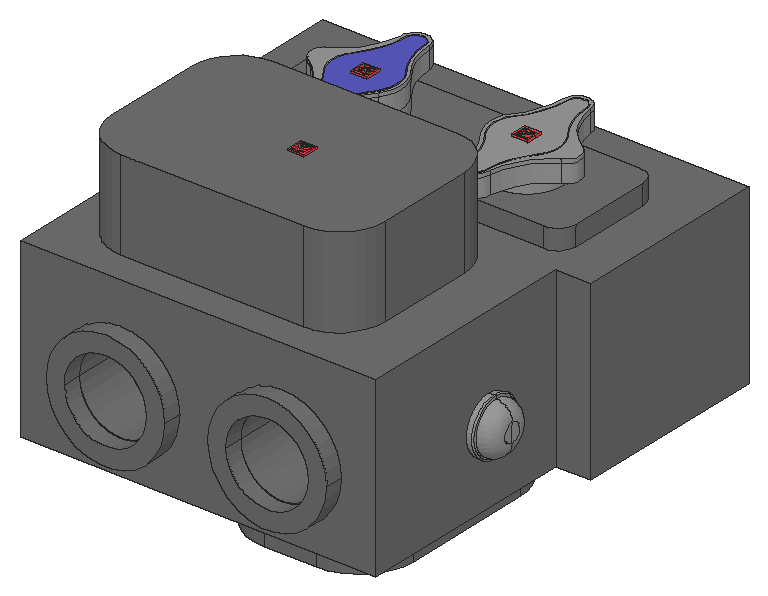
Revit family "HerzCon-Direktanschluss für FanCoils 90mm", category Rohrzubehör, Revit 2021
Family settings
  Bemaßung runder Anschluss = Durchmesser verwenden
  Teiletyp = Unterbricht
  OmniClass-Nummer = 23.65.55.14
  OmniClass-Titel = Valves for Liquid Services
  Arbeitsebenenbasiert = Nein
  Immer vertikal = Ja
  Beim Laden mit Abzugskörper schneiden = Nein
  Gemeinsam genutzt = Nein
Parameters (values of type "DN25")
  kvs-Wert (normale Funktion) = "2.75"  # constant formula
  kvs-Wert (Bypass Funktion) = "10.00"  # constant formula
  Vorgabe-Ansicht = 0.00 mm
  URL = "www.herz-armaturen.at"
  SCRNSEQ = "ARM;TYP_ARM=\"DURR\";02"
  SCRNCODE = "05;04;04"  # constant formula
  Nennweite SF [instance] = 32.00 mm  # constant formula
  Nennweite Kombi [instance] = 32.00 mm  # constant formula
  Nennweite KH [instance] = 25.00 mm  # constant formula
  Min. Betriebstemperatur = -20 °C  # constant formula
  Membrane und O-Ringe = "EPDM"  # constant formula
  Medium = "Heizungswasser gemäß ÖNORM H5195 oder VDI-Standard 2035.\r\nDie Verwendung von Ethylen- oder Propylenglykol-Gemischen in einem Verhältnis von 25-50 Vol.- % ist erlaubt."
  Max. Differenzdruck = 400000.0 Pa  # constant formula
  Max. Betriebstemperatur = 130 °C  # constant formula
  Max. Betriebsdruck = 2500000.0 Pa  # constant formula
  L11 = 14.00 mm  # constant formula
  L10 = 25.00 mm  # constant formula
  L09 = 16.00 mm  # constant formula
  L08 = 14.75 mm  # constant formula
  L07 = 12.50 mm  # constant formula
  L06 = 20.50 mm  # constant formula
  L04 = 45.00 mm  # constant formula
  L03 = 18.00 mm  # constant formula
  L02 = 4.80 mm  # constant formula
  L01 = 19.85 mm  # constant formula
  L00 [instance] = 189.70 mm  # constant formula
  L05 = 22.00 mm  # constant formula
  Isolierschalen = "EPP, wasserdampfdiffusionsdicht, schwarz"  # constant formula
  Hub = "4 mm"  # constant formula
  Hersteller = "HERZ Armaturen Ges.m.b.H."  # constant formula
  H02 = D02 + 1.00 mm  # 28.00 mm
  H01 = 39.50 mm  # constant formula
  Gehäuse = "entzinkungsbeständiges Messing"  # constant formula
  Dämmung [instance] = yes
  D11 = 20.00 mm  # constant formula
  D10 = 13.00 mm  # constant formula
  D09 = 18.90 mm  # constant formula
  D08 = 19.10 mm  # constant formula
  D07 = 14.85 mm  # constant formula
  D06 = 32.60 mm  # constant formula
  D05 = 33.80 mm  # constant formula
  D04 = 15.50 mm  # constant formula
  D03 = 21.25 mm  # constant formula
  D02 = 27.00 mm  # constant formula
  D01 = 15.00 mm  # constant formula
  Bestellnummer Isolierschale [instance] = 1470098  # constant formula
  Bestellnummer [instance] = 1460058  # constant formula
  Anwendungen = "Die HerzCON wurden entwickelt, um eine einfache Verbindung zu Gebläsekonvektoren oder anderen Anschlusseinheiten herzustellen.\r\nEin HerzCON ist eine Einheit, bestehend aus einem druckunabhängigen Kombiventil-Volumenstromregler (4006), Herz-Schmutzfänger, Herz-Entleerungshahn (2512) und zwei Herz-Multifunktionskugelhähnen.\r\nDas Ein-/ Aus Schalten sowie Modulieren ist über einen 0-10 V Stellantrieb möglich und kann bei Bedarf in eine GLT integriert werden.\r\nDie Einheit optimiert die Energieeffizienz des Systems, da es eine druckunabhängige Regelung ist, die den vollen Regelbereich unabhängig von Druckschwankungen gewährleistet, während gleichzeitig ein konstanter Durchfluss sichergestellt wird.\r\nMit der HerzCON können auch Spül- und Absperrvorgänge durchgeführt werden.\r\nEine Einheit kann für Heizen und Kühlen verwendet werden.\r\nEs gibt daher keinen Produktunterschied zwischen Heizen und Kühlen.\r\nDer am Sieb angebrachte Ablasshahn ermöglicht ein Spülen, ohne dass der Siebkorb entfernt werden muss.\r\nAußerdem kann der Siebkorb vor Ort gereinigt werden."
Reference planes
  plane 1 "Mitte (Vorne/hinten)": y = 0
  plane 2: z = 0
  plane 3 "Mitte (Links/rechts)": x = 0
Forms (mm)
  Revolve 1, solid, material "Messing, weicher Gelbton, geschweißt", detail levels fine
    sketch origin (-0.315, -1.436, 0) x (1, 0, 0) y (0, 1, 0)
      loop
        line (-94.535, 1.436) -> (95.165, 1.436) -> (95.165, 16.436) -> (75.315, 16.436) -> (75.315, 28.436) -> (23.115, 28.436) -> (23.115, 22.686) -> (18.315, 22.686) -> (18.315, 16.936) -> (-17.685, 16.936) -> (-17.685, 22.686) -> (-22.485, 22.686) -> (-22.485, 28.436) -> (-74.685, 28.436) -> (-74.685, 16.436) -> (-94.535, 16.436) -> (-94.535, 1.436)
      axis (95.165, 1.436) -> (-94.535, 1.436)
    angle from 0 to 360
  Revolve 2, solid, material "Messing, weicher Gelbton, geschweißt", detail levels fine
    sketch origin (0, 0, 0) x (1, 0, 0) y (0, 1, 0)
      loop
        line (-45, 28.35) -> (-57.5, 28.35) -> (-57.5, 47.45) -> (-65.5, 47.45) -> (-65.5, 32.6) -> (-67, 32.6) -> (-67, -33.8) -> (-59.75, -33.8) -> (-59.75, -45.7) -> (-70, -45.7) -> (-70, -65.7) -> (-61, -65.7) -> (-61, -52.7) -> (-45, -52.7) -> (-45, 28.35)
      axis (-45, 47.45) -> (-45, -65.7)
    angle from 0 to 360
  Revolve 3, solid, material "Messing, weicher Gelbton, geschweißt", detail levels fine
    sketch origin (0, 0, 0) x (-1, 0, 0) y (0, 1, 0)
      loop
        line (-45, 28.35) -> (-57.5, 28.35) -> (-57.5, 47.45) -> (-65.5, 47.45) -> (-65.5, 32.6) -> (-67, 32.6) -> (-67, -33.8) -> (-59.75, -33.8) -> (-59.75, -45.7) -> (-70, -45.7) -> (-70, -65.7) -> (-61, -65.7) -> (-61, -52.7) -> (-45, -52.7) -> (-45, 28.35)
      axis (-45, 47.45) -> (-45, -65.7)
    angle from 0 to 360
  Revolve 4, solid, material "Messing, weicher Gelbton, geschweißt", detail levels fine
    sketch origin (0, 0, 0) x (1, 0, 0) y (0, 0, 1)
      loop
        line (-45, 0) -> (-45, 39.5) -> (-59, 39.5) -> (-59, 0) -> (-45, 0)
      axis (-45, 0) -> (-45, 39.5)
    angle from 0 to 360
  Revolve 5, solid, material "Messing, weicher Gelbton, geschweißt", detail levels fine
    sketch origin (0, 0, 0) x (-1, 0, 0) y (0, 0, 1)
      loop
        line (-45, 0) -> (-45, 39.5) -> (-59, 39.5) -> (-59, 0) -> (-45, 0)
      axis (-45, 0) -> (-45, 39.5)
    angle from 0 to 360
  Revolve 6, solid, material "Messing, weicher Gelbton, geschweißt", detail levels fine
    sketch origin (0, 33.127, 0) x (1, 0, 0) y (0, 1, 0)
      loop
        line (45, -87.677) -> (29, -87.677) -> (29, -96.677) -> (30, -96.677) -> (30, -154.677) -> (29, -154.677) -> (29, -163.677) -> (45, -163.677) -> (45, -87.677)
      axis (45, -87.677) -> (45, -163.677)
    angle from 0 to 360
  Revolve 7, solid, material "Messing, weicher Gelbton, geschweißt", detail levels fine
    sketch origin (0, 0, 0) x (1, 0, 0) y (0, 1, 0)
      loop
        line (25, -92.55) -> (25, -107.55) -> (45, -107.55) -> (60, -111.55) -> (68, -111.55) -> (68, -107.55) -> (78, -107.55) -> (78, -105.55) -> (91, -105.55) -> (91, -106.55) -> (100, -106.55) -> (100, -92.55) -> (25, -92.55)
      axis (25, -92.55) -> (100, -92.55)
    angle from 0 to 360
  Revolve 8, solid, material "Messing, weicher Gelbton, geschweißt", detail levels fine
    sketch origin (0, 0, 0) x (1, 0, 0) y (0, 1, 0)
      loop
        line (25, -92.55) -> (11, -92.55) -> (11, -103.55) -> (15, -103.55) -> (15, -109.55) -> (25, -109.55) -> (25, -92.55)
      axis (11, -92.55) -> (25, -92.55)
    angle from 0 to 360
  Extrusion 9, solid, material "Messing, weicher Gelbton, geschweißt", detail levels fine
    sketch origin (0, 0, 0) x (0, 1, 0) y (0, 0, 1)
      loop
        line (-87.8, 46) -> (-97.3, 46) -> (-130.012, 27.114) -> (-134.762, 18.886) -> (-134.762, -18.886) -> (-130.012, -27.114) -> (-97.3, -46) -> (-87.8, -46) -> (-55.088, -27.114) -> (-50.338, -18.886) -> (-50.338, 18.886) -> (-55.088, 27.114) -> (-87.8, 46)
    from 11 to -10.6
  Revolve 10, solid, material "Messing, weicher Gelbton, geschweißt", detail levels fine
    sketch origin (0, 0, 0) x (1, 0, 0) y (0, 1, 0)
      loop
        line (-10.6, -92.55) -> (-10.6, -62.694) -> (-14.1, -75.05) -> (-14.1, -92.55) -> (-10.6, -92.55)
      axis (-14.1, -92.55) -> (-10.6, -92.55)
    angle from 0 to 360
  Extrusion 11, solid, material "Messing, weicher Gelbton, geschweißt", detail levels fine
    sketch origin (0, 0, 0) x (1, 0, 0) y (0, 0, 1)
      loop
        line (11, 8) -> (-6.1, 8)
        arc (-6.1, 8) -> (-14.1, 0) -> (-6.1, -8) r 8
        line (-6.1, -8) -> (11, -8) -> (11, 8)
    from 49.053 to 92.55
  Revolve 12, solid, material "Messing, weicher Gelbton, geschweißt", detail levels fine
    sketch origin (0, 0, 0) x (1, 0, 0) y (0, 1, 0)
      loop
        line (-13.1, -49.053) -> (-6.1, -49.053) -> (-6.1, -33.053) -> (-13.1, -33.053) -> (-13.1, -44.053) -> (-10.1, -44.053) -> (-10.1, -46.053) -> (-13.1, -46.053) -> (-13.1, -49.053)
      axis (-6.1, -33.053) -> (-6.1, -49.053)
    angle from 0 to 360
  Revolve 13, solid, material "Messing, weicher Gelbton, geschweißt", detail levels fine
    sketch origin (45, 0, 0) x (0, 1, 0) y (0, 0, 1)
      loop
        line (-107.55, 29) -> (-116.55, 29) -> (-116.55, 0) -> (-115.35, 0) -> (-115.35, -27) -> (-114.55, -27) -> (-114.55, -30) -> (-111.55, -30) -> (-111.55, -32) -> (-114.55, -32) -> (-114.55, -43) -> (-107.55, -43) -> (-107.55, 29)
      axis (-107.55, 29) -> (-107.55, -43)
    angle from 0 to 360
  Revolve 14, solid, material "Messing, weicher Gelbton, geschweißt", detail levels fine
    sketch origin (45, 0, 0) x (0, 1, 0) y (0, 0, 1)
      loop
        line (-68.55, 29) -> (-77.55, 29) -> (-77.55, 0) -> (-68.55, 0) -> (-68.55, 29)
      axis (-77.55, 29) -> (-77.55, 0)
    angle from 0 to 360
  Revolve 15, solid, material "Messing, weicher Gelbton, geschweißt", detail levels fine
    sketch origin (5.25, 97.957, 0) x (1, 0, 0) y (0, 1, 0)
      loop
        line (-50.25, -152.507) -> (-66.25, -152.507) -> (-66.25, -167.507) -> (-67.75, -167.507) -> (-67.75, -230.907) -> (-66.25, -230.907) -> (-66.25, -242.507) -> (-50.25, -242.507) -> (-50.25, -152.507)
      axis (-50.25, -152.507) -> (-50.25, -242.507)
    angle from 0 to 360
  Revolve 16, solid, material "Messing, weicher Gelbton, geschweißt", detail levels fine
    sketch origin (-45, -230.478, 0) x (0, 1, 0) y (0, 0, 1)
      loop
        arc (130.928, -23.913) -> (141.764, -20.377) -> (148.428, -11.13) r 18.37
        line (148.428, -11.13) -> (148.428, 3) -> (149.428, 4.812) -> (149.428, 32.5) -> (149.428, 34.5) -> (148.428, 34.5) -> (148.428, 36) -> (144.428, 36) -> (144.428, 49) -> (142.55, 50.084)
        arc (142.55, 50.084) -> (140.382, 52.622) -> (140.295, 55.959) r 5
        line (140.295, 55.959) -> (141.933, 61) -> (141.933, 76) -> (144.133, 76) -> (144.133, 77.5) -> (145.912, 77.5) -> (145.912, 84) -> (144.912, 86.5) -> (133.412, 86.5) -> (133.412, 89.5) -> (134.912, 89.5) -> (134.912, 91.5) -> (130.928, 91.5) -> (130.928, -23.913)
      axis (130.928, 91.5) -> (130.928, -23.913)
    angle from 0 to 360
  Extrusion 17, solid, material "Messing, weicher Gelbton, geschweißt", detail levels fine
    sketch origin (-1, -230.478, 0) x (0, 1, 0) y (0, 0, 1)
      loop
        circle (130.928, 65) r 5.5
    from -44 to -27
  Extrusion 18, solid, material "Kunststoff-Anthrazit/Schwarz", visible <- "Dämmung", detail levels fine
    sketch origin (-452.346, 0, 0) x (1, 0, 0) y (0, 1, 0)
      loop
        line (332.346, 64.5) -> (332.346, -45.5) -> (351.746, -45.5) -> (351.746, -170.5) -> (549.946, -170.5) -> (549.946, -45.5) -> (569.346, -45.5) -> (569.346, 64.5) -> (332.346, 64.5)
    from -42 to 56
  Extrusion 19, void
    sketch origin (0, 0, 0) x (0, 1, 0) y (0, 0, 1)
      loop
        circle (-92.55, 0) r 15
    from 117 to 32.451
  Extrusion 20, void
    sketch origin (0, 0, 0) x (1, 0, 0) y (0, 0, 1)
      loop
        circle (-45, 0) r 23
      loop
        circle (45, 0) r 23
    from 184.5 to -80
  Extrusion 21, solid, material "Kunststoff-Anthrazit/Schwarz", visible <- "Dämmung", detail levels fine
    sketch origin (0, 0, 0) x (1, 0, 0) y (0, 0, 1)
      loop
        circle (-45, 0) r 33
      loop
        circle (45, 0) r 33
    from 180.5 to 170.5
  Extrusion 22, solid, material "Kunststoff-Anthrazit/Schwarz", visible <- "Dämmung", detail levels fine
    sketch origin (0, 0, 0) x (1, 0, 0) y (0, 0, 1)
      loop
        circle (-45, 0) r 33
      loop
        circle (45, 0) r 33
    from -64.5 to -74.5
  Extrusion 23, solid, material "Kunststoff-Anthrazit/Schwarz", visible <- "Dämmung", detail levels fine
    sketch origin (0, 0, 0) x (1, 0, 0) y (0, 1, 0)
      loop
        line (43.2, -46.9) -> (-58.4, -46.9)
        arc (-58.4, -46.9) -> (-76.078, -54.222) -> (-83.4, -71.9) r 25
        line (-83.4, -71.9) -> (-83.4, -128)
        arc (-83.4, -128) -> (-76.078, -145.678) -> (-58.4, -153) r 25
        line (-58.4, -153) -> (43.2, -153)
        arc (43.2, -153) -> (60.878, -145.678) -> (68.2, -128) r 25
        line (68.2, -128) -> (68.2, -71.9)
        arc (68.2, -71.9) -> (60.878, -54.222) -> (43.2, -46.9) r 25
    from 56 to 106
  Extrusion 24, solid, material "Kunststoff-Anthrazit/Schwarz", visible <- "Dämmung", detail levels fine
    sketch origin (0, 0, 0) x (1, 0, 0) y (0, 1, 0)
      loop
        arc (81.5, -33.43) -> (88.571, -30.501) -> (91.5, -23.43) r 10
        line (91.5, -23.43) -> (91.5, 22.8)
        arc (91.5, 22.8) -> (88.571, 29.871) -> (81.5, 32.8) r 10
        line (81.5, 32.8) -> (-81.5, 32.8)
        arc (-81.5, 32.8) -> (-88.571, 29.871) -> (-91.5, 22.8) r 10
        line (-91.5, 22.8) -> (-91.5, -23.43)
        arc (-91.5, -23.43) -> (-88.571, -30.501) -> (-81.5, -33.43) r 10
        line (-81.5, -33.43) -> (81.5, -33.43)
    from 56 to 67
  Extrusion 25, solid, material "Kunststoff-Anthrazit/Schwarz", visible <- "Dämmung", detail levels fine
    sketch origin (0, 0, 0) x (1, 0, 0) y (0, 1, 0)
      loop
        arc (5.4, 1.85) -> (-15.813, -6.937) -> (-24.6, -28.15) r 30
        line (-24.6, -28.15) -> (-24.6, -102.9)
        arc (-24.6, -102.9) -> (-15.813, -124.113) -> (5.4, -132.9) r 30
        line (5.4, -132.9) -> (34.4, -132.9)
        arc (34.4, -132.9) -> (55.613, -124.113) -> (64.4, -102.9) r 30
        line (64.4, -102.9) -> (64.4, -28.15)
        arc (64.4, -28.15) -> (55.613, -6.937) -> (34.4, 1.85) r 30
        line (34.4, 1.85) -> (5.4, 1.85)
    from -42 to -76
Cuts and joins
  Extrusion 19, Extrusion 20 cuts Extrusion 18
  Extrusion 20 cuts Extrusion 21
  Extrusion 20 cuts Extrusion 22
Dimensions and locks
  "D04": Revolve 1 sketch curve to Revolve 1 sketch curve
  "D03": Revolve 1 sketch curve to Revolve 1 sketch curve  (x2)
  "D01": Revolve 1 sketch curve to Revolve 1 sketch curve  (x2)
  "D02": Revolve 1 sketch curve to Revolve 1 sketch curve  (x2)
  "L00": Revolve 1 sketch curve to Revolve 1 sketch curve
  "L01": Revolve 1 sketch curve to Revolve 1 sketch curve  (x2)
  "L02": Revolve 1 sketch curve to Revolve 1 sketch curve  (x2)
  equal spacing: Revolve 1 sketch curve, plane 3 "Mitte (Links/rechts)", Revolve 1 sketch curve
  "L03": Revolve 1 sketch curve to plane 3 "Mitte (Links/rechts)" to Revolve 1 sketch curve
  "L04": Revolve 2 sketch curve to plane 3 "Mitte (Links/rechts)"  (x2)
  "L05": Revolve 2 sketch curve to Revolve 2 sketch curve
  "D05": Revolve 2 sketch curve to plane 1 "Mitte (Vorne/hinten)"
  "D06": plane 1 "Mitte (Vorne/hinten)" to Revolve 2 sketch curve
  "L06": Revolve 2 sketch curve to Revolve 2 sketch curve
  "D07": Revolve 2 sketch curve to Revolve 2 sketch curve
  "D08": Revolve 2 sketch curve to Revolve 2 sketch curve
  "L07": Revolve 2 sketch curve to Revolve 2 sketch curve
  "L08": Revolve 2 sketch curve to Revolve 2 sketch curve
  "D09": Revolve 2 sketch curve to Revolve 2 sketch curve
  "D10": Revolve 2 sketch curve to Revolve 2 sketch curve
  "D11": Revolve 2 sketch curve to Revolve 2 sketch curve
  "L09": Revolve 2 sketch curve to Revolve 2 sketch curve
  "L10": Revolve 2 sketch curve to Revolve 2 sketch curve
  "L05": Revolve 3 sketch curve to Revolve 3 sketch curve
  "L06": Revolve 3 sketch curve to Revolve 3 sketch curve
  "D07": Revolve 3 sketch curve to Revolve 3 sketch curve
  "D08": Revolve 3 sketch curve to Revolve 3 sketch curve
  "L07": Revolve 3 sketch curve to Revolve 3 sketch curve
  "L08": Revolve 3 sketch curve to Revolve 3 sketch curve
  "D09": Revolve 3 sketch curve to Revolve 3 sketch curve
  "D10": Revolve 3 sketch curve to Revolve 3 sketch curve
  "D11": Revolve 3 sketch curve to Revolve 3 sketch curve
  "L09": Revolve 3 sketch curve to Revolve 3 sketch curve
  "L10": Revolve 3 sketch curve to Revolve 3 sketch curve
  "L04": plane 3 "Mitte (Links/rechts)" to Revolve 3 sketch curve  (x2)
  "D05": Revolve 3 sketch curve to plane 1 "Mitte (Vorne/hinten)"
  "D06": plane 1 "Mitte (Vorne/hinten)" to Revolve 3 sketch curve
  "H01": Revolve 4 sketch curve to plane 2
  "L04": plane 3 "Mitte (Links/rechts)" to Revolve 4 sketch curve  (x2)
  "L11": Revolve 4 sketch curve to Revolve 4 sketch curve
  "L11": Revolve 5 sketch curve to Revolve 5 sketch curve
  "L04": Revolve 5 sketch curve to plane 3 "Mitte (Links/rechts)"  (x2)
  "H01": Revolve 5 sketch curve to plane 2
  "L04": nested 3 to plane 3 "Mitte (Links/rechts)"
  "L04": plane 3 "Mitte (Links/rechts)" to nested 4
  "H02": nested 3 to plane 2
  "H02": nested 4 to plane 2
  "L04": plane 3 "Mitte (Links/rechts)" to Revolve 6 sketch curve  (x2)
  Revolve 6 sketch curve to Revolve 6 sketch curve = 16.00 mm  (x2)
  Revolve 6 sketch curve to Revolve 6 sketch curve = 15.00 mm
  Revolve 6 sketch curve to Revolve 6 sketch curve = 76.00 mm
  Revolve 6 sketch curve to Revolve 6 sketch curve = 9.00 mm  (x2)
  equal spacing: Revolve 6, Revolve 7 sketch curve, Revolve 6  (x2)
  Revolve 7 sketch curve to Revolve 7 sketch curve = 75.00 mm
  Revolve 7 sketch curve to Revolve 7 sketch curve = 9.00 mm
  Revolve 7 sketch curve to Revolve 7 sketch curve = 13.00 mm  (x2)
  Revolve 7 sketch curve to Revolve 7 sketch curve = 10.00 mm
  "L04": plane 3 "Mitte (Links/rechts)" to Revolve 7 sketch curve
  Revolve 7 sketch curve to Revolve 7 sketch curve = 14.00 mm
  Revolve 7 sketch curve to Revolve 7 sketch curve = 15.00 mm  (x2)
  Revolve 7 sketch curve to Revolve 7 sketch curve = 20.00 mm
  Revolve 7 sketch curve to Revolve 7 sketch curve = 35.00 mm
  Revolve 8 sketch curve to Revolve 7 = 20.00 mm
  equal spacing: Revolve 6, Revolve 8 sketch curve, Revolve 6  (x2)
  Revolve 8 sketch curve to Revolve 8 sketch curve = 17.00 mm
  Revolve 8 sketch curve to Revolve 8 sketch curve = 11.00 mm
  Revolve 8 sketch curve to Revolve 8 sketch curve = 14.00 mm
  Revolve 8 sketch curve to Revolve 8 sketch curve = 10.00 mm
  Revolve 6 to Extrusion 9 sketch curve = 4.212 mm
  Extrusion 9 sketch curve to Revolve 6 = 4.212 mm
  Extrusion 9 sketch curve to Extrusion 9 sketch curve = 84.424 mm
  equal spacing: Extrusion 9 sketch curve, level, Extrusion 9 sketch curve
  Extrusion 9 to Revolve 7 = 34.00 mm
  equal spacing: Revolve 6, Revolve 10 sketch curve, Revolve 6  (x2)
  Revolve 10 sketch curve to Revolve 10 sketch curve = 17.50 mm
  Revolve 10 sketch curve to Revolve 10 sketch curve = 29.856 mm
  Revolve 10 sketch curve to Extrusion 9 = 3.50 mm
  equal spacing: Revolve 6, nested 5, Revolve 6
  Revolve 7 to nested 5 = 46.00 mm
  Extrusion 9 to Revolve 10 = 25.10 mm
  Revolve 12 sketch curve to Revolve 12 sketch curve = 7.00 mm  (x2)
  Revolve 12 sketch curve to Revolve 12 sketch curve = 4.00 mm
  Revolve 12 sketch curve to Revolve 12 sketch curve = 3.00 mm
  Revolve 12 sketch curve to Revolve 12 sketch curve = 2.00 mm
  Revolve 12 sketch curve to Revolve 12 sketch curve = 11.00 mm
  Revolve 10 to Revolve 12 sketch curve = 1.00 mm
  Revolve 10 to Revolve 12 sketch curve = 8.00 mm
  Extrusion 11 to Revolve 12 sketch curve = 43.497 mm
  equal spacing: Revolve 6, Extrusion 11, Revolve 6
  Extrusion 11 to Extrusion 11 = 43.497 mm
  Revolve 3 to Revolve 6 = 178.00 mm
  Revolve 13 sketch curve to Revolve 13 sketch curve = 7.80 mm
  Revolve 13 sketch curve to Revolve 13 sketch curve = 9.00 mm
  Revolve 13 sketch curve to Revolve 13 sketch curve = 7.00 mm  (x2)
  Revolve 13 sketch curve to Revolve 13 sketch curve = 4.00 mm
  Revolve 13 sketch curve to Revolve 13 sketch curve = 3.00 mm
  Revolve 13 sketch curve to Revolve 13 sketch curve = 2.00 mm
  Revolve 13 sketch curve to Revolve 13 sketch curve = 11.00 mm
  "L04": plane 3 "Mitte (Links/rechts)" to Revolve 13
  Revolve 14 sketch curve to Revolve 14 sketch curve = 9.00 mm
  "L04": plane 3 "Mitte (Links/rechts)" to Revolve 14
  nested 7 to plane 2 = 29.00 mm
  nested 6 to plane 2 = 29.00 mm
  Revolve 15 sketch curve to Revolve 15 sketch curve = 11.60 mm
  Revolve 15 sketch curve to Revolve 15 sketch curve = 15.00 mm
  Revolve 15 sketch curve to Revolve 15 sketch curve = 90.00 mm
  Revolve 15 sketch curve to Revolve 15 sketch curve = 16.00 mm  (x2)
  Revolve 15 sketch curve to Revolve 15 sketch curve = 17.50 mm
  Revolve 15 to Revolve 16 sketch curve = 45.00 mm  (x2)
  Revolve 15 to Extrusion 17 sketch curve = 45.00 mm
  nested 8 to Revolve 15 = 45.00 mm
  plane 2 to Revolve 16 sketch curve = 23.913 mm
  Revolve 16 sketch curve to plane 2 = 34.50 mm
  Revolve 16 sketch curve to Revolve 16 sketch curve = 17.50 mm  (x2)
  Revolve 16 sketch curve to plane 2 = 4.812 mm
  Revolve 16 sketch curve to Revolve 16 sketch curve = 18.50 mm
  Revolve 16 sketch curve to Revolve 16 sketch curve = 1.50 mm
  Revolve 16 sketch curve to Revolve 16 sketch curve = 13.50 mm
  Revolve 16 sketch curve to Revolve 16 sketch curve = 13.00 mm
  "L04": Revolve 16 to plane 3 "Mitte (Links/rechts)"
  "L04": Revolve 15 sketch curve to plane 3 "Mitte (Links/rechts)"  (x2)
  Extrusion 17 to Extrusion 17 = 17.00 mm
  "L04": plane 3 "Mitte (Links/rechts)" to Extrusion 17
  Revolve 16 to Extrusion 17 sketch curve = 11.00 mm
  Extrusion 17 sketch curve to plane 2 = 65.00 mm
  Revolve 15 to Revolve 2 = 192.00 mm
  Extrusion 18 sketch curve to Extrusion 18 sketch curve = 237.00 mm
  Extrusion 18 sketch curve to Extrusion 18 sketch curve = 235.00 mm
  Extrusion 18 sketch curve to Extrusion 18 sketch curve = 19.40 mm  (x2)
  plane 1 "Mitte (Vorne/hinten)" to Extrusion 18 sketch curve = 64.50 mm
  Extrusion 18 sketch curve to Extrusion 18 sketch curve = 110.00 mm  (x2)
  cut or joined group of Extrusion 18, Extrusion 19, Extrusion 20 to Extrusion 19 sketch curve = 77.95 mm
  cut or joined group of Extrusion 18, Extrusion 19, Extrusion 20 to Extrusion 20 sketch curve = 52.00 mm
  cut or joined group of Extrusion 18, Extrusion 19, Extrusion 20 to Extrusion 20 sketch curve = 142.00 mm
  cut or joined group of Extrusion 18, Extrusion 19, Extrusion 20 to Extrusion 21 sketch curve = 42.00 mm
  cut or joined group of Extrusion 18, Extrusion 19, Extrusion 20 to Extrusion 21 sketch curve = 132.00 mm
  cut or joined group of Extrusion 18, Extrusion 19, Extrusion 20 to Extrusion 22 sketch curve = 42.00 mm
  cut or joined group of Extrusion 18, Extrusion 19, Extrusion 20 to Extrusion 22 sketch curve = 132.00 mm
  cut or joined group of Extrusion 18, Extrusion 19, Extrusion 20 to Extrusion 23 sketch curve = 17.50 mm
  cut or joined group of Extrusion 18, Extrusion 19, Extrusion 20 to Extrusion 23 sketch curve = 17.20 mm
  Extrusion 23 sketch curve to Extrusion 23 sketch curve = 151.60 mm
  Extrusion 23 sketch curve to Extrusion 23 sketch curve = 106.10 mm
  Extrusion 24 sketch curve to Extrusion 24 sketch curve = 66.23 mm
  Extrusion 24 sketch curve to Extrusion 24 sketch curve = 183.00 mm
  cut or joined group of Extrusion 18, Extrusion 19, Extrusion 20 to Extrusion 24 sketch curve = 28.50 mm
  Extrusion 24 sketch curve to cut or joined group of Extrusion 18, Extrusion 19, Extrusion 20 = 25.50 mm
  cut or joined group of Extrusion 18, Extrusion 19, Extrusion 20 to Extrusion 24 sketch curve = 31.70 mm
  cut or joined group of Extrusion 18, Extrusion 19, Extrusion 20 to Extrusion 25 sketch curve = 62.65 mm
  Extrusion 25 sketch curve to Extrusion 25 sketch curve = 134.75 mm
  Extrusion 25 sketch curve to cut or joined group of Extrusion 18, Extrusion 19, Extrusion 20 = 52.60 mm
  Extrusion 25 sketch curve to Extrusion 25 sketch curve = 89.00 mm
  equal spacing: Extrusion 23, nested 9, Extrusion 23
  nested 9 to plane 2 = 105.20 mm
  radius of Revolve 16 sketch curve = 18.37 mm
  radius of Extrusion 17 sketch curve = 5.50 mm
  diameter of Extrusion 19 sketch curve = 30.00 mm
  diameter of Extrusion 20 sketch curve = 46.00 mm  (x2)
  diameter of Extrusion 21 sketch curve = 66.00 mm  (x2)
  diameter of Extrusion 22 sketch curve = 66.00 mm  (x2)
  aligned and locked: level to plane 2
Automatic sketch dimensions
  Extrusion 11 sketch curve to level = 0.00 mm
  Extrusion 11 sketch curve to plane 3 "Mitte (Links/rechts)" = 6.10 mm
  plane 3 "Mitte (Links/rechts)" to Extrusion 11 sketch curve = 11.00 mm
  Extrusion 11 sketch curve to level = 8.00 mm
  Revolve 8 sketch curve to Revolve 8 sketch curve = 2.197 mm
  Revolve 8 sketch curve to Revolve 8 sketch curve = 3.212 mm
  level to Extrusion 9 sketch curve = 27.114 mm  (x2)
  Extrusion 9 sketch curve to Extrusion 9 sketch curve = 4.75 mm  (x4)
  Extrusion 9 sketch curve to level = 27.114 mm  (x2)
  Extrusion 9 sketch curve to Extrusion 9 sketch curve = 32.712 mm  (x2)
  Extrusion 9 sketch curve to Extrusion 9 sketch curve = 9.50 mm  (x2)
  Extrusion 9 sketch curve to Extrusion 9 sketch curve = 18.886 mm
  Extrusion 9 sketch curve to Extrusion 9 sketch curve = 8.227 mm  (x4)
  Revolve 10 sketch curve to plane 3 "Mitte (Links/rechts)" = 10.60 mm
  Revolve 10 sketch curve to Revolve 10 sketch curve = 0.00 mm  (x2)
  Revolve 12 sketch curve to Revolve 12 sketch curve = 1.775 mm
  Revolve 12 sketch curve to Revolve 12 sketch curve = 4.225 mm
  Revolve 13 sketch curve to level = 0.00 mm
  level to Revolve 13 sketch curve = 29.00 mm
  plane 1 "Mitte (Vorne/hinten)" to Revolve 13 sketch curve = 116.55 mm
  Revolve 13 sketch curve to level = 27.00 mm
  Revolve 13 sketch curve to Revolve 13 sketch curve = 7.00 mm
  Revolve 13 sketch curve to Revolve 13 sketch curve = 7.744 mm
  Revolve 13 sketch curve to Revolve 13 sketch curve = 8.256 mm
  Revolve 14 sketch curve to level = 0.00 mm
  level to Revolve 14 sketch curve = 29.00 mm
  plane 1 "Mitte (Vorne/hinten)" to Revolve 14 sketch curve = 77.55 mm
  Revolve 14 sketch curve to Revolve 14 sketch curve = 0.00 mm
  level to Revolve 14 sketch curve = 14.00 mm
  Revolve 14 sketch curve to Revolve 14 sketch curve = 5.00 mm
  Revolve 16 sketch curve to Revolve 16 sketch curve = 2.485 mm
  Revolve 16 sketch curve to Revolve 16 sketch curve = 1.50 mm  (x2)
  level to Revolve 16 sketch curve = 55.959 mm
  Revolve 16 sketch curve to Revolve 16 sketch curve = 4.133 mm
  level to Revolve 16 sketch curve = 61.00 mm
  Revolve 16 sketch curve to Revolve 16 sketch curve = 1.638 mm
  level to Revolve 16 sketch curve = 50.084 mm
  Revolve 16 sketch curve to Revolve 16 sketch curve = 1.878 mm
  Revolve 16 sketch curve to Revolve 16 sketch curve = 10.00 mm
  Revolve 16 sketch curve to Revolve 16 sketch curve = 2.50 mm  (x2)
  Revolve 16 sketch curve to Revolve 16 sketch curve = 1.00 mm
  Revolve 16 sketch curve to Revolve 16 sketch curve = 1.812 mm
  Revolve 16 sketch curve to Revolve 16 sketch curve = 2.00 mm  (x2)
  Revolve 16 sketch curve to Revolve 16 sketch curve = 15.00 mm
  Revolve 16 sketch curve to Revolve 16 sketch curve = 6.50 mm
  Revolve 16 sketch curve to Revolve 16 sketch curve = 3.00 mm
  Revolve 16 sketch curve to Revolve 16 sketch curve = 2.20 mm
  Revolve 16 sketch curve to Revolve 16 sketch curve = 1.316 mm
  Revolve 16 sketch curve to Revolve 16 sketch curve = 0.227 mm
  Extrusion 18 sketch curve to plane 3 "Mitte (Links/rechts)" = 120.00 mm
  Extrusion 19 sketch curve to level = 0.00 mm
  Extrusion 20 sketch curve to level = 0.00 mm  (x2)
  Extrusion 21 sketch curve to level = 0.00 mm  (x2)
  Extrusion 22 sketch curve to level = 0.00 mm  (x2)
  Extrusion 23 sketch curve to Extrusion 23 sketch curve = 25.00 mm  (x4)
  Extrusion 24 sketch curve to Extrusion 24 sketch curve = 10.00 mm  (x4)
  Extrusion 25 sketch curve to Extrusion 25 sketch curve = 30.00 mm
  plane 1 "Mitte (Vorne/hinten)" to Extrusion 25 sketch curve = 28.15 mm
  Extrusion 25 sketch curve to Extrusion 25 sketch curve = 29.00 mm  (x2)
  Revolve 1 sketch curve to plane 1 "Mitte (Vorne/hinten)" = 0.00 mm
  plane 1 "Mitte (Vorne/hinten)" to Revolve 1 sketch curve = 0.00 mm
  Revolve 1 sketch curve to Revolve 1 sketch curve = 1933.131 mm
  Revolve 1 sketch curve to Revolve 1 sketch curve = 1932.50 mm
  plane 1 "Mitte (Vorne/hinten)" to Revolve 2 sketch curve = 18.80 mm
  Revolve 2 sketch curve to Revolve 2 sketch curve = 12.268 mm
  Revolve 3 sketch curve to plane 1 "Mitte (Vorne/hinten)" = 18.80 mm
  Revolve 3 sketch curve to Revolve 3 sketch curve = 12.268 mm
  Revolve 4 sketch curve to level = 0.00 mm  (x2)
  Revolve 4 sketch curve to Revolve 4 sketch curve = 9.50 mm
  Revolve 5 sketch curve to level = 0.00 mm  (x2)
  Revolve 5 sketch curve to Revolve 5 sketch curve = 9.50 mm
  plane 1 "Mitte (Vorne/hinten)" to Revolve 6 sketch curve = 130.55 mm
  Revolve 6 sketch curve to Revolve 6 sketch curve = 6.00 mm
  Revolve 6 sketch curve to Revolve 6 sketch curve = 5.00 mm
  Revolve 7 sketch curve to Revolve 7 sketch curve = 4.00 mm
  Revolve 7 sketch curve to Revolve 7 sketch curve = 15.00 mm
  Revolve 7 sketch curve to Revolve 7 sketch curve = 11.575 mm
  plane 1 "Mitte (Vorne/hinten)" to Revolve 15 sketch curve = 144.55 mm
  Revolve 15 sketch curve to Revolve 15 sketch curve = 6.926 mm
  Revolve 15 sketch curve to Revolve 15 sketch curve = 10.00 mm
Nested families
  nested 1: "Herz-Logo-vorne" at (-0.315, -15.5, 0) x (0, 1, 0) z (0, 0, 1), type "Herz-Logo-vorne", detail levels fine
  nested 2: "Herz-Logo-vorne" at (-0.315, 15.5, 0) x (0, 1, 0) z (0, 0, 1), type "Herz-Logo-vorne", detail levels fine
  nested 3: "Handrad (blau) für HerzCon DN25-DN32" at (-45, 0, 28) x (0, -1, 0) z (0, 0, 1), type "Handrad (blau) für HerzCon DN25-DN32", detail levels fine
  nested 4: "Handrad (rot) für HerzCon DN25-DN32" at (45, 0, 28) x (0, 1, 0) z (0, 0, 1), type "Handrad (rot) für HerzCon DN25-DN32", detail levels fine
  nested 5: "Bauschutzkappe für HerCon" at (91, -92.55, 0), type "Bauschutzkappe für HerCon"
  nested 6: "Messstutzen_Band_Austritt_senkrecht_(oben)" at (45, -77.55, 11.5), type "Messstutzen_Band_Austritt_senkrecht_(oben)"
    with Schutzkappe yes, Nennweite 0.00 mm, Gewicht 0.00 kg, Bestellnummer 0
  nested 7: "Messstutzen_Band_Eintritt_senkrecht_(oben)" at (45, -107.55, 11.5), type "Messstutzen_Band_Eintritt_senkrecht_(oben)"
    with Schutzkappe yes, Nennweite 0.00 mm, Gewicht 0.00 kg, Bestellnummer 0
  nested 8: "Flügelgriff rot (seite)" at (-32.6, -99.55, 65), type "Flügelgriff rot (seite)"
  nested 9: "Herz-Logo" at (0, -99.95, 105.2), visible <- "Dämmung", type "Herz-Logo", detail levels fine
Connectors
  piping at (45, -130.55, 0), diameter 32, driven by "Nennweite Kombi"
    settings: on Revolve 6, index 1, connector inside diameter 609.6 mm, connector length 0.00 mm, flow factor 0, pipe flow 0.0 L/s, pressure drop 0.0 Pa, fitting loss kfactor 0, connector angle 0.00°, fixture units 0, engagement length 0.00 mm, angle of deflection 0.00°, flow configuration 0, flow direction 1, fitting loss method 0, system type 7, joint type 0, gender type 0, connector reference index -1, connector utility 0, adjustable connector no, is connector primary yes, connector description ""
  piping at (-45, -144.55, 0), diameter 32, driven by "Nennweite SF"
    settings: on Revolve 15, index 2, connector inside diameter 609.6 mm, connector length 0.00 mm, flow factor 0, pipe flow 0.0 L/s, pressure drop 0.0 Pa, fitting loss kfactor 0, connector angle 0.00°, fixture units 0, engagement length 0.00 mm, angle of deflection 0.00°, flow configuration 0, flow direction 2, fitting loss method 0, system type 8, joint type 0, gender type 0, connector reference index -1, connector utility 0, adjustable connector no, is connector primary no, connector description ""
  piping at (-45, 28.35, 0), diameter 25, driven by "Nennweite KH"
    settings: on Revolve 2, index 3, connector inside diameter 609.6 mm, connector length 0.00 mm, flow factor 0, pipe flow 0.0 L/s, pressure drop 0.0 Pa, fitting loss kfactor 0, connector angle 0.00°, fixture units 0, engagement length 0.00 mm, angle of deflection 0.00°, flow configuration 0, flow direction 1, fitting loss method 0, system type 8, joint type 0, gender type 0, connector reference index -1, connector utility 0, adjustable connector no, is connector primary no, connector description ""
  piping at (45, 28.35, 0), diameter 25, driven by "Nennweite KH"
    settings: on Revolve 3, index 4, connector inside diameter 609.6 mm, connector length 0.00 mm, flow factor 0, pipe flow 0.0 L/s, pressure drop 0.0 Pa, fitting loss kfactor 0, connector angle 0.00°, fixture units 0, engagement length 0.00 mm, angle of deflection 0.00°, flow configuration 0, flow direction 2, fitting loss method 0, system type 7, joint type 0, gender type 0, connector reference index -1, connector utility 0, adjustable connector no, is connector primary no, connector description ""
Definition of nested family "Herz-Logo-vorne"
  Parameters (values of type "Herz-Logo-vorne")
    Default Elevation = 0.00 mm
  Reference planes
    plane 1 "Mitte (Vorne/hinten)": y = 0
    plane 2: z = 0
    plane 3 "Mitte (Links/rechts)": x = 0
  Forms (mm)
    Extrusion 1, solid
      sketch origin (0.732, -0.018, 0.017) x (0, -1, 0) y (0, 0, 1)
        loop
          line (-0.018, -4.517) -> (4.482, -4.517) -> (4.482, 4.483) -> (-4.518, 4.483) -> (-4.518, -4.517) -> (-0.018, -4.517)
        loop
          line (-0.05, -3.48) -> (3.482, -3.48) -> (3.482, 3.483) -> (-3.518, 3.483) -> (-3.518, -3.48) -> (-0.05, -3.48)
        loop
          arc (-0.018, 2.383) -> (-1.543, 3.287) -> (-3.067, 2.383) r 1.738
          arc (-3.067, 2.383) -> (-3.191, 1.899) -> (-3.067, 1.415) r 1.009
          line (-3.067, 1.415) -> (-0.018, -3.281) -> (3.032, 1.415)
          arc (3.032, 1.415) -> (3.156, 1.899) -> (3.032, 2.383) r 1.009
          arc (3.032, 2.383) -> (1.507, 3.287) -> (-0.018, 2.383) r 1.738
        loop
          arc (1.885, 1.272) -> (2.005, 1.675) -> (1.885, 2.079) r 0.74
          arc (1.885, 2.079) -> (1.265, 2.416) -> (0.644, 2.079) r 0.74
          line (0.644, 2.079) -> (-0.018, 0.97) -> (-0.679, 2.079)
          arc (-0.679, 2.079) -> (-1.3, 2.416) -> (-1.921, 2.079) r 0.74
          arc (-1.921, 2.079) -> (-2.04, 1.675) -> (-1.921, 1.272) r 0.74
          line (-1.921, 1.272) -> (-0.018, -1.658) -> (1.885, 1.272)
      from 0 to 1.5
  Dimensions and locks
    aligned and locked: level to plane 2
Definition of nested family "Handrad (blau) für HerzCon DN25-DN32"
  Parameters (values of type "Handrad (blau) für HerzCon DN25-DN32")
    Default Elevation = 0.00 mm
  Reference planes
    plane 1 "Mitte (Vorne/hinten)": y = 0
    plane 2: z = 0
    plane 3 "Mitte (Links/rechts)": x = 0
  Forms (mm)
    Extrusion 1, solid, detail levels fine
      sketch origin (0, 0, 0) x (1, 0, 0) y (0, 1, 0)
        loop
          circle (0, 0) r 20
      from 0 to 45
    Extrusion 2, solid, detail levels fine
      sketch origin (0, 0, 0) x (1, 0, 0) y (0, 1, 0)
        loop
          arc (-35, 7.5) -> (-42.5, 0) -> (-35, -7.5) r 7.5
          arc (-35, -7.5) -> (-19.287, -13.2) -> (-7.275, -24.825) r 40
          arc (-7.275, -24.825) -> (0, -30) -> (7.275, -24.825) r 7.7
          arc (7.275, -24.825) -> (19.287, -13.2) -> (35, -7.5) r 40
          arc (35, -7.5) -> (42.5, 0) -> (35, 7.5) r 7.5
          arc (35, 7.5) -> (22.22, 10.127) -> (10.965, 16.726) r 40
          arc (10.965, 16.726) -> (0, 20) -> (-10.965, 16.726) r 20
          arc (-10.965, 16.726) -> (-22.22, 10.127) -> (-35, 7.5) r 40
      from 45 to 55
    Extrusion 3, solid, detail levels fine
      sketch origin (0, 0, 0) x (1, 0, 0) y (0, 1, 0)
        loop
          arc (-35, 7.5) -> (-42.5, 0) -> (-35, -7.5) r 7.5
          arc (-35, -7.5) -> (-19.287, -13.2) -> (-7.275, -24.825) r 40
          arc (-7.275, -24.825) -> (0, -30) -> (7.275, -24.825) r 7.7
          arc (7.275, -24.825) -> (19.287, -13.2) -> (35, -7.5) r 40
          arc (35, -7.5) -> (42.5, 0) -> (35, 7.5) r 7.5
          arc (35, 7.5) -> (22.22, 10.127) -> (10.965, 16.726) r 40
          arc (10.965, 16.726) -> (0, 20) -> (-10.965, 16.726) r 20
          arc (-10.965, 16.726) -> (-22.22, 10.127) -> (-35, 7.5) r 40
        loop
          arc (-34.965, 5.5) -> (-40.5, 0) -> (-34.965, -5.5) r 5.5
          arc (-34.965, -5.5) -> (-21.579, -8.231) -> (-9.777, -15.113) r 42
          arc (-9.777, -15.113) -> (0, -18) -> (9.777, -15.113) r 18
          arc (9.777, -15.113) -> (21.579, -8.231) -> (34.965, -5.5) r 42
          arc (34.965, -5.5) -> (40.5, 0) -> (34.965, 5.5) r 5.5
          arc (34.965, 5.5) -> (21.579, 8.231) -> (9.777, 15.113) r 42
          arc (9.777, 15.113) -> (0, 18) -> (-9.777, 15.113) r 18
          arc (-9.777, 15.113) -> (-21.579, 8.231) -> (-34.965, 5.5) r 42
      from 55 to 57
    Extrusion 4, solid, detail levels fine
      sketch origin (0, 0, 0) x (1, 0, 0) y (0, 1, 0)
        loop
          arc (-34.965, 5.5) -> (-40.5, 0) -> (-34.965, -5.5) r 5.5
          arc (-34.965, -5.5) -> (-21.579, -8.231) -> (-9.777, -15.113) r 42
          arc (-9.777, -15.113) -> (0, -18) -> (9.777, -15.113) r 18
          arc (9.777, -15.113) -> (21.579, -8.231) -> (34.965, -5.5) r 42
          arc (34.965, -5.5) -> (40.5, 0) -> (34.965, 5.5) r 5.5
          arc (34.965, 5.5) -> (21.579, 8.231) -> (9.777, 15.113) r 42
          arc (9.777, 15.113) -> (0, 18) -> (-9.777, 15.113) r 18
          arc (-9.777, 15.113) -> (-21.579, 8.231) -> (-34.965, 5.5) r 42
      from 55 to 57
  Dimensions and locks
    aligned and locked: level to plane 2
  Nested families
    nested 1: "Herz-Logo" at (0, 0, 56.5), type "Herz-Logo", detail levels fine
  Definition of nested family "Herz-Logo"
    Parameters (values of type "Herz-Logo")
      Default Elevation = 0.00 mm
    Reference planes
      plane 1 "Mitte (Vorne/hinten)": y = 0
      plane 2: z = 0
      plane 3 "Mitte (Links/rechts)": x = 0
    Forms (mm)
      Extrusion 1, solid
        sketch origin (0, 0, 0) x (1, 0, 0) y (0, 1, 0)
          loop
            line (-0.018, -4.517) -> (4.482, -4.517) -> (4.482, 4.483) -> (-4.518, 4.483) -> (-4.518, -4.517) -> (-0.018, -4.517)
          loop
            line (-0.05, -3.48) -> (3.482, -3.48) -> (3.482, 3.483) -> (-3.518, 3.483) -> (-3.518, -3.48) -> (-0.05, -3.48)
          loop
            arc (-0.018, 2.383) -> (-1.543, 3.287) -> (-3.067, 2.383) r 1.738
            arc (-3.067, 2.383) -> (-3.191, 1.899) -> (-3.067, 1.415) r 1.009
            line (-3.067, 1.415) -> (-0.018, -3.281) -> (3.032, 1.415)
            arc (3.032, 1.415) -> (3.156, 1.899) -> (3.032, 2.383) r 1.009
            arc (3.032, 2.383) -> (1.507, 3.287) -> (-0.018, 2.383) r 1.738
          loop
            arc (1.885, 1.272) -> (2.005, 1.675) -> (1.885, 2.079) r 0.74
            arc (1.885, 2.079) -> (1.265, 2.416) -> (0.644, 2.079) r 0.74
            line (0.644, 2.079) -> (-0.018, 0.97) -> (-0.679, 2.079)
            arc (-0.679, 2.079) -> (-1.3, 2.416) -> (-1.921, 2.079) r 0.74
            arc (-1.921, 2.079) -> (-2.04, 1.675) -> (-1.921, 1.272) r 0.74
            line (-1.921, 1.272) -> (-0.018, -1.658) -> (1.885, 1.272)
        from 0 to 1.5
    Dimensions and locks
      aligned and locked: level to plane 2
Definition of nested family "Handrad (rot) für HerzCon DN25-DN32"
  Parameters (values of type "Handrad (rot) für HerzCon DN25-DN32")
    Default Elevation = 0.00 mm
  Reference planes
    plane 1 "Mitte (Vorne/hinten)": y = 0
    plane 2: z = 0
    plane 3 "Mitte (Links/rechts)": x = 0
  Forms (mm)
    Extrusion 1, solid, detail levels fine
      sketch origin (0, 0, 0) x (1, 0, 0) y (0, 1, 0)
        loop
          circle (0, 0) r 20
      from 0 to 45
    Extrusion 2, solid, detail levels fine
      sketch origin (0, 0, 0) x (1, 0, 0) y (0, 1, 0)
        loop
          arc (-35, 7.5) -> (-42.5, 0) -> (-35, -7.5) r 7.5
          arc (-35, -7.5) -> (-19.287, -13.2) -> (-7.275, -24.825) r 40
          arc (-7.275, -24.825) -> (0, -30) -> (7.275, -24.825) r 7.7
          arc (7.275, -24.825) -> (19.287, -13.2) -> (35, -7.5) r 40
          arc (35, -7.5) -> (42.5, 0) -> (35, 7.5) r 7.5
          arc (35, 7.5) -> (22.22, 10.127) -> (10.965, 16.726) r 40
          arc (10.965, 16.726) -> (0, 20) -> (-10.965, 16.726) r 20
          arc (-10.965, 16.726) -> (-22.22, 10.127) -> (-35, 7.5) r 40
      from 45 to 55
    Extrusion 3, solid, detail levels fine
      sketch origin (0, 0, 0) x (1, 0, 0) y (0, 1, 0)
        loop
          arc (-35, 7.5) -> (-42.5, 0) -> (-35, -7.5) r 7.5
          arc (-35, -7.5) -> (-19.287, -13.2) -> (-7.275, -24.825) r 40
          arc (-7.275, -24.825) -> (0, -30) -> (7.275, -24.825) r 7.7
          arc (7.275, -24.825) -> (19.287, -13.2) -> (35, -7.5) r 40
          arc (35, -7.5) -> (42.5, 0) -> (35, 7.5) r 7.5
          arc (35, 7.5) -> (22.22, 10.127) -> (10.965, 16.726) r 40
          arc (10.965, 16.726) -> (0, 20) -> (-10.965, 16.726) r 20
          arc (-10.965, 16.726) -> (-22.22, 10.127) -> (-35, 7.5) r 40
        loop
          arc (-34.965, 5.5) -> (-40.5, 0) -> (-34.965, -5.5) r 5.5
          arc (-34.965, -5.5) -> (-21.579, -8.231) -> (-9.777, -15.113) r 42
          arc (-9.777, -15.113) -> (0, -18) -> (9.777, -15.113) r 18
          arc (9.777, -15.113) -> (21.579, -8.231) -> (34.965, -5.5) r 42
          arc (34.965, -5.5) -> (40.5, 0) -> (34.965, 5.5) r 5.5
          arc (34.965, 5.5) -> (21.579, 8.231) -> (9.777, 15.113) r 42
          arc (9.777, 15.113) -> (0, 18) -> (-9.777, 15.113) r 18
          arc (-9.777, 15.113) -> (-21.579, 8.231) -> (-34.965, 5.5) r 42
      from 55 to 57
    Extrusion 4, solid, detail levels fine
      sketch origin (0, 0, 0) x (1, 0, 0) y (0, 1, 0)
        loop
          arc (-34.965, 5.5) -> (-40.5, 0) -> (-34.965, -5.5) r 5.5
          arc (-34.965, -5.5) -> (-21.579, -8.231) -> (-9.777, -15.113) r 42
          arc (-9.777, -15.113) -> (0, -18) -> (9.777, -15.113) r 18
          arc (9.777, -15.113) -> (21.579, -8.231) -> (34.965, -5.5) r 42
          arc (34.965, -5.5) -> (40.5, 0) -> (34.965, 5.5) r 5.5
          arc (34.965, 5.5) -> (21.579, 8.231) -> (9.777, 15.113) r 42
          arc (9.777, 15.113) -> (0, 18) -> (-9.777, 15.113) r 18
          arc (-9.777, 15.113) -> (-21.579, 8.231) -> (-34.965, 5.5) r 42
      from 55 to 57
  Dimensions and locks
    aligned and locked: level to plane 2
  Nested families
    nested 1: "Herz-Logo" at (0, 0, 56.5), type "Herz-Logo", detail levels fine
  Definition of nested family "Herz-Logo"
    Parameters (values of type "Herz-Logo")
      Default Elevation = 0.00 mm
    Reference planes
      plane 1 "Mitte (Vorne/hinten)": y = 0
      plane 2: z = 0
      plane 3 "Mitte (Links/rechts)": x = 0
    Forms (mm)
      Extrusion 1, solid
        sketch origin (0, 0, 0) x (1, 0, 0) y (0, 1, 0)
          loop
            line (-0.018, -4.517) -> (4.482, -4.517) -> (4.482, 4.483) -> (-4.518, 4.483) -> (-4.518, -4.517) -> (-0.018, -4.517)
          loop
            line (-0.05, -3.48) -> (3.482, -3.48) -> (3.482, 3.483) -> (-3.518, 3.483) -> (-3.518, -3.48) -> (-0.05, -3.48)
          loop
            arc (-0.018, 2.383) -> (-1.543, 3.287) -> (-3.067, 2.383) r 1.738
            arc (-3.067, 2.383) -> (-3.191, 1.899) -> (-3.067, 1.415) r 1.009
            line (-3.067, 1.415) -> (-0.018, -3.281) -> (3.032, 1.415)
            arc (3.032, 1.415) -> (3.156, 1.899) -> (3.032, 2.383) r 1.009
            arc (3.032, 2.383) -> (1.507, 3.287) -> (-0.018, 2.383) r 1.738
          loop
            arc (1.885, 1.272) -> (2.005, 1.675) -> (1.885, 2.079) r 0.74
            arc (1.885, 2.079) -> (1.265, 2.416) -> (0.644, 2.079) r 0.74
            line (0.644, 2.079) -> (-0.018, 0.97) -> (-0.679, 2.079)
            arc (-0.679, 2.079) -> (-1.3, 2.416) -> (-1.921, 2.079) r 0.74
            arc (-1.921, 2.079) -> (-2.04, 1.675) -> (-1.921, 1.272) r 0.74
            line (-1.921, 1.272) -> (-0.018, -1.658) -> (1.885, 1.272)
        from 0 to 1.5
    Dimensions and locks
      aligned and locked: level to plane 2
Definition of nested family "Bauschutzkappe für HerCon"
  Parameters (values of type "Bauschutzkappe für HerCon")
    Default Elevation = 0.00 mm
  Reference planes
    plane 1 "Mitte (Vorne/hinten)": y = 0
    plane 2: z = 0
    plane 3 "Mitte (Links/rechts)": x = 0
  Forms (mm)
    Revolve 1, solid, detail levels fine
      sketch origin (0, 0, 0) x (0, 0, 1) y (-1, 0, 0)
        loop
          line (0, 0) -> (-15.5, 0) -> (-15.5, -10.067)
          arc (-15.5, -10.067) -> (-15.733, -10.629) -> (-15.25, -11) r 0.5
          line (-15.25, -11) -> (-14.093, -11)
          arc (-14.093, -11) -> (-11.457, -17.364) -> (-5.093, -20) r 9
          line (-5.093, -20) -> (0, -20) -> (0, 0)
        axis (0, 0) -> (0, -20)
      angle from 0 to 360
  Dimensions and locks
    aligned and locked: level to plane 2
Definition of nested family "Messstutzen_Band_Austritt_senkrecht_(oben)"
  Parameters (values of type "Messstutzen_Band_Austritt_senkrecht_(oben)")
    Default Elevation = 0.00 mm
    URL = "www.herz-armaturen.at"
    Schutzkappe [instance] = yes
    Nennweite [instance] = 0.00 mm
    Manufacturer = "Herz Armaturen GmbH"  # constant formula
    Gewicht [instance] = 0.00 kg
    Bestellnummer [instance] = 0
  Reference planes
    plane 1 "Mitte (Vorne/hinten)": y = 0
    plane 2: z = 0
    plane 3 "Mitte (Links/rechts)": x = 0
    plane 4 "Schlaufe 1": z = -27
    plane 5 "Schlaufe 2": z = -31.678
  Forms (mm)
    Revolve 1, solid, detail levels fine
      sketch origin (0, 0, 0) x (1, 0, 0) y (0, 0, 1)
        loop
          line (-7.4, 9) -> (-5.55, 9) -> (-5.55, 6)
          arc (-5.55, 6) -> (-5.626, 5.617) -> (-5.843, 5.293) r 1
          line (-5.843, 5.293) -> (-6.455, 4.681) -> (-6.455, 0.9) -> (-5.555, 0) -> (-2, 0) -> (-2, 17.5) -> (-8.4, 17.5)
          arc (-8.4, 17.5) -> (-7.693, 17.207) -> (-7.4, 16.5) r 1
          line (-7.4, 16.5) -> (-7.4, 9)
        loop
          line (-3.7, 27) -> (-7.3, 27) -> (-7.9, 26.4) -> (-7.9, 23) -> (-2, 23) -> (-2, 35.8) -> (-3.805, 35.8) -> (-4.415, 35.19) -> (-4.415, 30.863) -> (-3.7, 30.45) -> (-3.7, 27)
        axis (0, 0) -> (0, 35.8)
      angle from 0 to 360
    Extrusion 2, solid, detail levels fine
      sketch origin (0, 0, 17.5) x (0, 1, 0) y (-1, 0, 0)
        loop
          arc (-7.07, 5.156) -> (-7.578, 4.375) -> (-8, 3.544) r 8.75
          line (-8, 3.544) -> (-8, -3.544)
          arc (-8, -3.544) -> (-7.578, -4.375) -> (-7.07, -5.156) r 8.75
          line (-7.07, -5.156) -> (-0.93, -8.7)
          arc (-0.93, -8.7) -> (0, -8.75) -> (0.93, -8.7) r 8.75
          line (0.93, -8.7) -> (7.07, -5.156)
          arc (7.07, -5.156) -> (7.578, -4.375) -> (8, -3.544) r 8.75
          line (8, -3.544) -> (8, 3.544)
          arc (8, 3.544) -> (7.578, 4.375) -> (7.07, 5.156) r 8.75
          line (7.07, 5.156) -> (0.93, 8.7)
          arc (0.93, 8.7) -> (0, 8.75) -> (-0.93, 8.7) r 8.75
          line (-0.93, 8.7) -> (-7.07, 5.156)
      from 0 to 5.5
    Revolve 3, solid, visible <- "Schutzkappe", detail levels fine
      sketch origin (0, 0, 0) x (1, 0, 0) y (0, 0, 1)
        loop
          line (0, 35.878) -> (0, 36.678) -> (-7, 36.678) -> (-7, 33.378) -> (-6.1, 33.378) -> (-6.1, 31.678) -> (-6.9, 31.678) -> (-6.9, 30.178) -> (-4.415, 30.178) -> (-4.415, 35.268) -> (-3.805, 35.878) -> (0, 35.878)
        axis (0, 30.178) -> (0, 36.678)
      angle from 0 to 360
    Extrusion 4, solid, detail levels fine
      sketch origin (0, 0, 28.5) x (1, 0, 0) y (0, 1, 0)
        loop
          circle (0, 0) r 3.7
        loop
          arc (-3.906, 5.505) -> (0, -6.75) -> (3.906, 5.505) r 6.75
          arc (3.906, 5.505) -> (2.358, 7.288) -> (1.8, 9.582) r 5
          line (1.8, 9.582) -> (-1.8, 9.582)
          arc (-1.8, 9.582) -> (-2.358, 7.288) -> (-3.906, 5.505) r 5
      from 0 to -1.5
    Extrusion 5, solid, detail levels fine
      sketch origin (0, 0, 33.178) x (1, 0, 0) y (0, 1, 0)
        loop
          circle (0, 0) r 6.1
        loop
          arc (-4.495, 8.652) -> (0, -9.75) -> (4.495, 8.652) r 9.75
          arc (4.495, 8.652) -> (2.527, 10.493) -> (1.8, 13.089) r 5
          line (1.8, 13.089) -> (-1.8, 13.089)
          arc (-1.8, 13.089) -> (-2.527, 10.493) -> (-4.495, 8.652) r 5
      from 0 to -1.5
    Sweep 6, solid, detail levels fine
      path origin (0, 0, 0) x (0, 0, -1) y (0, -1, 0)
        loop
          line (-27.75, -9.582) -> (-27.75, -14.522)
          arc (-27.75, -14.522) -> (-30.089, -16.862) -> (-32.428, -14.522) r 2.339
          line (-32.428, -14.522) -> (-32.428, -13.089)
      profile origin (0, 12.052, 27.75) x (0, 0, 1) y (1, 0, 0)
        loop
          line (-0.75, -1.8) -> (0.75, -1.8) -> (0.75, 1.8) -> (-0.75, 1.8) -> (-0.75, -1.8)
  Dimensions and locks
    aligned and locked: level to plane 2
Definition of nested family "Messstutzen_Band_Eintritt_senkrecht_(oben)"
  Parameters (values of type "Messstutzen_Band_Eintritt_senkrecht_(oben)")
    Default Elevation = 0.00 mm
    URL = "www.herz-armaturen.at"
    Schutzkappe [instance] = yes
    Nennweite [instance] = 0.00 mm
    Manufacturer = "Herz Armaturen GmbH"  # constant formula
    Gewicht [instance] = 0.00 kg
    Bestellnummer [instance] = 0
  Reference planes
    plane 1 "Mitte (Vorne/hinten)": y = 0
    plane 2: z = 0
    plane 3 "Mitte (Links/rechts)": x = 0
    plane 4 "Schlaufe 1": z = -27
    plane 5 "Schlaufe 2": z = -31.678
  Forms (mm)
    Revolve 1, solid, detail levels fine
      sketch origin (0, 0, 0) x (1, 0, 0) y (0, 0, 1)
        loop
          line (-7.4, 9) -> (-5.55, 9) -> (-5.55, 6)
          arc (-5.55, 6) -> (-5.626, 5.617) -> (-5.843, 5.293) r 1
          line (-5.843, 5.293) -> (-6.455, 4.681) -> (-6.455, 0.9) -> (-5.555, 0) -> (-2, 0) -> (-2, 17.5) -> (-8.4, 17.5)
          arc (-8.4, 17.5) -> (-7.693, 17.207) -> (-7.4, 16.5) r 1
          line (-7.4, 16.5) -> (-7.4, 9)
        loop
          line (-3.7, 27) -> (-7.3, 27) -> (-7.9, 26.4) -> (-7.9, 23) -> (-2, 23) -> (-2, 35.8) -> (-3.805, 35.8) -> (-4.415, 35.19) -> (-4.415, 30.863) -> (-3.7, 30.45) -> (-3.7, 27)
        axis (0, 0) -> (0, 35.8)
      angle from 0 to 360
    Extrusion 2, solid, detail levels fine
      sketch origin (0, 0, 17.5) x (0, 1, 0) y (-1, 0, 0)
        loop
          arc (-7.07, 5.156) -> (-7.578, 4.375) -> (-8, 3.544) r 8.75
          line (-8, 3.544) -> (-8, -3.544)
          arc (-8, -3.544) -> (-7.578, -4.375) -> (-7.07, -5.156) r 8.75
          line (-7.07, -5.156) -> (-0.93, -8.7)
          arc (-0.93, -8.7) -> (0, -8.75) -> (0.93, -8.7) r 8.75
          line (0.93, -8.7) -> (7.07, -5.156)
          arc (7.07, -5.156) -> (7.578, -4.375) -> (8, -3.544) r 8.75
          line (8, -3.544) -> (8, 3.544)
          arc (8, 3.544) -> (7.578, 4.375) -> (7.07, 5.156) r 8.75
          line (7.07, 5.156) -> (0.93, 8.7)
          arc (0.93, 8.7) -> (0, 8.75) -> (-0.93, 8.7) r 8.75
          line (-0.93, 8.7) -> (-7.07, 5.156)
      from 0 to 5.5
    Revolve 3, solid, visible <- "Schutzkappe", detail levels fine
      sketch origin (0, 0, 0) x (1, 0, 0) y (0, 0, 1)
        loop
          line (0, 35.878) -> (0, 36.678) -> (-7, 36.678) -> (-7, 33.378) -> (-6.1, 33.378) -> (-6.1, 31.678) -> (-6.9, 31.678) -> (-6.9, 30.178) -> (-4.415, 30.178) -> (-4.415, 35.268) -> (-3.805, 35.878) -> (0, 35.878)
        axis (0, 30.178) -> (0, 36.678)
      angle from 0 to 360
    Extrusion 4, solid, detail levels fine
      sketch origin (0, 0, 28.5) x (1, 0, 0) y (0, 1, 0)
        loop
          circle (0, 0) r 3.7
        loop
          arc (-3.906, 5.505) -> (0, -6.75) -> (3.906, 5.505) r 6.75
          arc (3.906, 5.505) -> (2.358, 7.288) -> (1.8, 9.582) r 5
          line (1.8, 9.582) -> (-1.8, 9.582)
          arc (-1.8, 9.582) -> (-2.358, 7.288) -> (-3.906, 5.505) r 5
      from 0 to -1.5
    Extrusion 5, solid, detail levels fine
      sketch origin (0, 0, 33.178) x (1, 0, 0) y (0, 1, 0)
        loop
          circle (0, 0) r 6.1
        loop
          arc (-4.495, 8.652) -> (0, -9.75) -> (4.495, 8.652) r 9.75
          arc (4.495, 8.652) -> (2.527, 10.493) -> (1.8, 13.089) r 5
          line (1.8, 13.089) -> (-1.8, 13.089)
          arc (-1.8, 13.089) -> (-2.527, 10.493) -> (-4.495, 8.652) r 5
      from 0 to -1.5
    Sweep 6, solid, detail levels fine
      path origin (0, 0, 0) x (0, 0, -1) y (0, -1, 0)
        loop
          line (-27.75, -9.582) -> (-27.75, -14.522)
          arc (-27.75, -14.522) -> (-30.089, -16.862) -> (-32.428, -14.522) r 2.339
          line (-32.428, -14.522) -> (-32.428, -13.089)
      profile origin (0, 12.052, 27.75) x (0, 0, 1) y (1, 0, 0)
        loop
          line (-0.75, -1.8) -> (0.75, -1.8) -> (0.75, 1.8) -> (-0.75, 1.8) -> (-0.75, -1.8)
  Dimensions and locks
    aligned and locked: level to plane 2
Definition of nested family "Flügelgriff rot (seite)"
  Parameters (values of type "Flügelgriff rot (seite)")
    Default Elevation = 0.00 mm
  Reference planes
    plane 1 "Mitte (Vorne/hinten)": y = 0
    plane 2: z = 0
    plane 3 "Mitte (Links/rechts)": x = 0
  Forms (mm)
    Revolve 1, solid, detail levels fine
      sketch origin (0, 0, 0) x (1, 0, 0) y (0, 1, 0)
        loop
          line (0, 0) -> (0, -9.5) -> (11.143, -9.5)
          arc (11.143, -9.5) -> (11.82, -9.22) -> (12.1, -8.543) r 0.957
          line (12.1, -8.543) -> (12.1, -7.39)
          arc (12.1, -7.39) -> (12.352, -6.723) -> (12.983, -6.39) r 1.008
          line (12.983, -6.39) -> (17.616, -5.81)
          arc (17.616, -5.81) -> (18.248, -5.477) -> (18.5, -4.81) r 1.009
          line (18.5, -4.81) -> (18.5, 0) -> (0, 0)
        axis (18.5, 0) -> (0, 0)
      angle from 0 to 360
    Extrusion 2, solid, detail levels fine
      sketch origin (0, 0, 0) x (0, 1, 0) y (0, 0, 1)
        loop
          arc (-20, -0.627) -> (-19.829, -1.058) -> (-19.409, -1.256) r 0.63
          line (-19.409, -1.256) -> (-4, -2.231) -> (-4, 2.225) -> (-19.471, 1.312)
          arc (-19.471, 1.312) -> (-19.847, 1.137) -> (-20, 0.752) r 0.562
          line (-20, 0.752) -> (-20, -0.627)
        loop
          line (20, -0.627) -> (20, 0.752)
          arc (20, 0.752) -> (19.847, 1.137) -> (19.471, 1.312) r 0.562
          line (19.471, 1.312) -> (4.042, 2.223) -> (4.042, -2.228) -> (19.409, -1.256)
          arc (19.409, -1.256) -> (19.829, -1.058) -> (20, -0.627) r 0.63
      from 4.6 to 23.9
    Extrusion 3, void
      sketch origin (0, 0, 0) x (1, 0, 0) y (0, 1, 0)
        loop
          line (4.6, -9.5) -> (4.6, -20) -> (7.413, -20) -> (4.6, -9.5)
        loop
          line (4.6, 9.5) -> (7.413, 20) -> (4.6, 20) -> (4.6, 9.5)
      from 5 to -5
    Extrusion 4, void
      sketch origin (0, 0, 0) x (1, 0, 0) y (0, 1, 0)
        loop
          line (18.5, -5.5) -> (23.633, -14.401)
          arc (23.633, -14.401) -> (23.744, -16.174) -> (22.401, -17.336) r 2
          line (22.401, -17.336) -> (12.113, -20) -> (25.076, -20) -> (25.076, 20) -> (12.113, 20) -> (22.401, 17.336)
